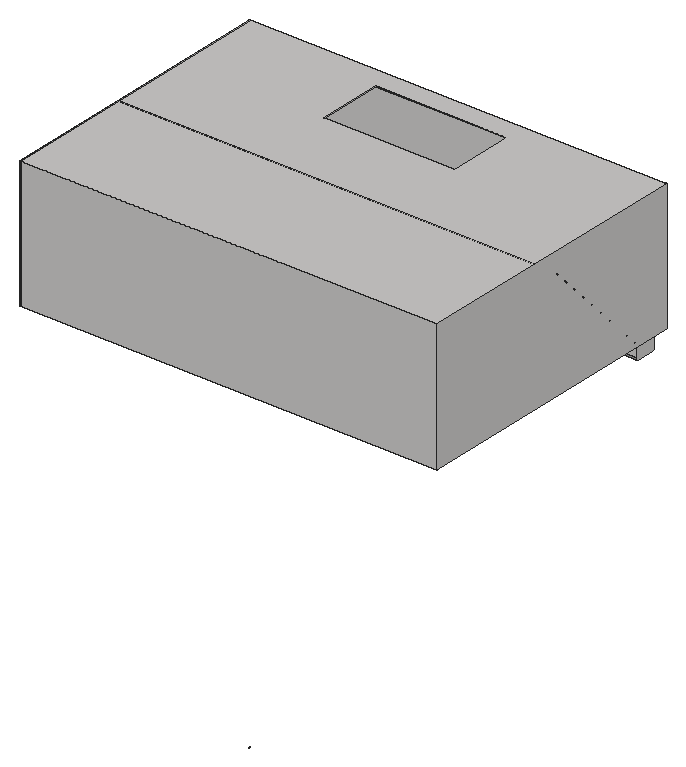
Revit family "QF_ELECTROLUXPROFESSIONAL_642016_EP1116T", category Specialty Equipment, Revit 2014
Reference planes
  plane 1 "Center (Front/Back)": y = 0
  plane 2: z = 0
  plane 3 "Center (Left/Right)": x = 150
  plane 4 "LEFT": x = -650
  plane 5 "RIGHT": x = 950
  plane 6 "BACK": y = 550
  plane 7 "FRONT": y = -550
  plane 8 "TOP": z = 2500
  plane 9 "Base": z = 2000
  plane 10: z = 1926
  plane 11 "DrainY": y = 485
  plane 12: x = -647
  plane 13: through (0, 414.509, 2000.8) normal (0, 0.7314, 0.682)
  plane 14: y = 470
  plane 15: y = 220
  plane 16 "DrainX": x = 830
  plane 17: x = -100
  plane 18: x = 400
  plane 19: x = 947
  plane 20: x = 740
  plane 21: x = 920
  plane 22: x = -450
  plane 23: x = 750
  plane 24: x = -47.5
  plane 25: x = 347.5
Forms (mm)
  Extrusion 1, solid, material "QF_Finishes_Stainless Steel"
    sketch origin (-650, 0, 360) x (0, 1, 0) y (0, 0, 1)
      loop
        line (550, 1640) -> (550, 2140) -> (-550, 2140) -> (-550, 1640) -> (550, 1640)
    from 0 to 3
  Extrusion 2, solid, material "QF_Finishes_Stainless Steel"
    sketch origin (150, 0, 360) x (0, 1, 0) y (0, 0, 1)
      loop
        line (415.255, 1640) -> (550, 1640) -> (550, 2139.19) -> (549.2, 2139.19) -> (549.2, 1640.8) -> (415.876, 1640.8) -> (339.347, 1722.867) -> (349.609, 1732.436) -> (348.927, 1733.167) -> (337.934, 1722.917) -> (415.255, 1640)
      loop
        line (-82.203, 2139.19) -> (-82.203, 2118.6) -> (-31.047, 2118.6) -> (34.354, 2048.466) -> (46.028, 2059.352) -> (45.346, 2060.083) -> (34.403, 2049.879) -> (-30.612, 2119.6) -> (-81.203, 2119.6) -> (-81.203, 2139.19) -> (-82.203, 2139.19)
    from -797 to 797
  Extrusion 3, solid, material "QF_Finishes_Stainless Steel"
    sketch origin (950, 0, 360) x (0, 1, 0) y (0, 0, 1)
      loop
        line (550, 1640) -> (550, 2140) -> (-550, 2140) -> (-550, 1640) -> (550, 1640)
    from 0 to -3
  Extrusion 4, solid, material "QF_Finishes_Stainless Steel"
    sketch origin (150, 0, 360) x (0, 1, 0) y (0, 0, 1)
      loop
        line (-550, 2140) -> (-550, 1640) -> (-549.2, 1640) -> (-549.2, 2139.19) -> (550, 2139.19) -> (550, 2140) -> (-550, 2140)
    from -800 to 800
  Extrusion 5, solid, material "QF_Finishes_Stainless Steel"
    sketch origin (150, 0, 360) x (0, 1, 0) y (0, 0, 1)
      loop
        line (534, 1640) -> (436, 1640) -> (436, 1627) -> (443.5, 1627) -> (443.5, 1576)
        arc (443.5, 1576) -> (446.429, 1568.929) -> (453.5, 1566) r 10
        line (453.5, 1566) -> (516.5, 1566)
        arc (516.5, 1566) -> (523.571, 1568.929) -> (526.5, 1576) r 10
        line (526.5, 1576) -> (526.5, 1627) -> (534, 1627) -> (534, 1640)
    from 590 to 770
  Extrusion 6, solid, material "QF_Finishes_Stainless Steel"
    sketch origin (0, 0, 2000) x (0, 1, 0) y (-1, 0, 0)
      loop
        circle (485, -830) r 20
    from -76 to -74
  Extrusion 7, solid, material "QF_Finished_Chrome"
    sketch origin (150, 0, 360) x (0, 1, 0) y (0, 0, 1)
      loop
        line (337.934, 1722.917) -> (341.591, 1726.327) -> (38.011, 2051.876) -> (34.354, 2048.466) -> (337.934, 1722.917)
    from -197.5 to -600
  Extrusion 8, solid, material "QF_Finishes_Stainless Steel"
    sketch origin (150, 0, 360) x (0, 1, 0) y (0, 0, 1)
      loop
        line (337.934, 1722.917) -> (341.591, 1726.327) -> (38.011, 2051.876) -> (34.354, 2048.466) -> (337.934, 1722.917)
    from 797 to 600
  Extrusion 9, solid, material "QF_Finished_Chrome"
    sketch origin (150, 0, 360) x (0, 1, 0) y (0, 0, 1)
      loop
        line (341.588, 1726.324) -> (38.009, 2051.874) -> (34.354, 2048.466) -> (337.934, 1722.917) -> (341.588, 1726.324)
    from 197.5 to 600
  Extrusion 10, void
    sketch origin (0, 0, 2500) x (0, 1, 0) y (-1, 0, 0)
      loop
        line (470, -400) -> (470, 100) -> (220, 100) -> (220, -400) -> (470, -400)
    from 0 to -10
  Extrusion 11, solid, material "QF_Finishes_Stainless Steel"
    sketch origin (0, 0, 0) x (1, 0, 0) y (0, 1, 0)
      loop
        line (-650, 550) -> (-650, 549) -> (-649, 549) -> (-649, 550) -> (-650, 550)
    from 0 to 1
  Extrusion 12, solid, material "QF_Finishes_Stainless Steel"
    sketch origin (150, 0, 360) x (0, 1, 0) y (0, 0, 1)
      loop
        line (337.934, 1722.917) -> (341.591, 1726.327) -> (38.011, 2051.876) -> (34.354, 2048.466) -> (337.934, 1722.917)
    from -600 to -797
  Extrusion 13, solid, material "QF_Finishes_Stainless Steel"
    sketch origin (150, 0, 360) x (0, 1, 0) y (0, 0, 1)
      loop
        line (337.934, 1722.917) -> (341.591, 1726.327) -> (38.011, 2051.876) -> (34.354, 2048.466) -> (337.934, 1722.917)
    from 197.5 to -197.5
Cuts and joins
  Extrusion 10 cuts Extrusion 4
  joined: Extrusion 2, Extrusion 4
Lines and regions (mm)
  reference lines
    curve 1: line (150, 34.354, 2408.466) -> (150, 34.354, 2248.466)
  symbolic lines, style "SpecialityEquipment", detail levels coarse
    curve 2: line (950, 550, 2500) -> (-650, 550, 2500)
    curve 3: line (-650, 550, 2500) -> (-650, -550, 2500)
    curve 4: line (950, -550, 2500) -> (950, 550, 2500)
    curve 5: line (-650, -550, 2500) -> (950, -550, 2500)
    curve 6: line (400, 220, 2500) -> (-100, 220, 2500)
    curve 7: line (400, 470, 2500) -> (400, 220, 2500)
    curve 8: line (-100, 470, 2500) -> (400, 470, 2500)
    curve 9: line (-100, 220, 2500) -> (-100, 470, 2500)
    curve 10: line (-650, 550, 0) -> (950, -550, 0)
    curve 11: line (950, 550, 0) -> (-650, -550, 0)
Dimensions and locks
  plane 4 "LEFT" to plane 5 "RIGHT" = 1600 mm
  equal spacing: plane 4 "LEFT", plane 3 "Center (Left/Right)", plane 5 "RIGHT"
  plane 9 "Base" to plane 10 = 74 mm
  plane 6 "BACK" to plane 11 "DrainY" = 65 mm  (x2)
  plane 4 "LEFT" to plane 12 = 3 mm
  plane 6 "BACK" to plane 14 = 80 mm
  plane 14 to plane 15 = 250 mm  (x2)
  plane 16 "DrainX" to plane 5 "RIGHT" = 120 mm
  plane 19 to plane 5 "RIGHT" = 3 mm
  locked: plane 20 to plane 16 "DrainX" at 90
  locked: plane 16 "DrainX" to plane 21 at 90
  plane 6 "BACK" to plane 7 "FRONT" = 1100 mm  (x2)
  equal spacing: plane 6 "BACK", plane 1 "Center (Front/Back)", plane 7 "FRONT"
  plane 15 to plane 7 "FRONT" = 770 mm
  plane 14 to plane 6 "BACK" = 80 mm
  plane 4 "LEFT" to plane 22 = 200 mm
  plane 23 to plane 5 "RIGHT" = 200 mm
  locked: plane 24 to plane 25 at 395
  equal spacing: plane 24, plane 3 "Center (Left/Right)", plane 25
  locked: plane 17 to plane 18 at 500
  equal spacing: plane 17, plane 3 "Center (Left/Right)", plane 18
  locked: plane 9 "Base" to level at 2000
  locked: plane 8 "TOP" to plane 9 "Base" at 500
  aligned and locked: level to plane 2
  aligned and locked: Extrusion 2 to Extrusion 1
  aligned and locked: Extrusion 2 to Extrusion 3
  aligned and locked: plane 5 "RIGHT" to Extrusion 4
  aligned and locked: Extrusion 4 to plane 4 "LEFT"
  aligned and locked: plane 19 to Extrusion 8
  aligned and locked: Extrusion 10 to plane 17
  aligned and locked: Extrusion 10 to plane 15
  aligned and locked: Extrusion 10 to plane 14
  aligned and locked: Extrusion 2 to Extrusion 4
  aligned and locked: plane 21 to Extrusion 5
  aligned and locked: Extrusion 5 to plane 20
  aligned and locked: Extrusion 8 to plane 23
  aligned and locked: Extrusion 9 to plane 23
  aligned and locked: Extrusion 7 to plane 22
  aligned and locked: Extrusion 12 to plane 12
  aligned and locked: plane 22 to Extrusion 12
  aligned and locked: Extrusion 3 to plane 19
  aligned and locked: Extrusion 10 to plane 18
  aligned and locked: plane 18 to curve 7
  aligned and locked: plane 25 to Extrusion 13
  aligned and locked: Extrusion 13 to plane 24
  aligned and locked: Extrusion 9 to plane 25
Automatic sketch dimensions
  curve 5 to plane 5 "RIGHT" = 0 mm
  curve 5 to plane 7 "FRONT" = 0 mm
  curve 6 to plane 15 = 0 mm
  plane 14 to curve 8 = 0 mm
  curve 3 to plane 4 "LEFT" = 0 mm
  curve 3 to plane 6 "BACK" = 0 mm
  curve 6 to plane 17 = 0 mm
  Extrusion 1 sketch curve to plane 9 "Base" = 0 mm
  Extrusion 1 sketch curve to plane 6 "BACK" = 0 mm
  Extrusion 1 sketch curve to plane 8 "TOP" = 0 mm
  Extrusion 2 sketch curve to plane 13 = 0 mm  (x3)
  Extrusion 2 sketch curve to plane 9 "Base" = 0 mm
  plane 13 to Extrusion 2 sketch curve = 0 mm
  Extrusion 2 sketch curve to plane 6 "BACK" = 0 mm
  Extrusion 2 sketch curve to Extrusion 2 sketch curve = 65.646 mm
  Extrusion 2 sketch curve to Extrusion 2 sketch curve = 0.682 mm  (x2)
  Extrusion 2 sketch curve to Extrusion 2 sketch curve = 10.261 mm
  plane 9 "Base" to Extrusion 2 sketch curve = 82.917 mm
  Extrusion 2 sketch curve to plane 1 "Center (Front/Back)" = 46.028 mm
  Extrusion 2 sketch curve to Extrusion 2 sketch curve = 10.942 mm
  Extrusion 2 sketch curve to Extrusion 2 sketch curve = 0.049 mm
  Extrusion 2 sketch curve to plane 8 "TOP" = 20.4 mm
  Extrusion 2 sketch curve to plane 8 "TOP" = 21.4 mm
  Extrusion 2 sketch curve to plane 8 "TOP" = 0.81 mm  (x2)
  Extrusion 2 sketch curve to Extrusion 2 sketch curve = 50.156 mm
  Extrusion 2 sketch curve to Extrusion 2 sketch curve = 1 mm
  plane 9 "Base" to Extrusion 2 sketch curve = 0.8 mm
  Extrusion 2 sketch curve to plane 6 "BACK" = 0.8 mm
  Extrusion 3 sketch curve to plane 9 "Base" = 0 mm
  Extrusion 3 sketch curve to plane 6 "BACK" = 0 mm
  Extrusion 3 sketch curve to plane 8 "TOP" = 0 mm
  Extrusion 4 sketch curve to plane 7 "FRONT" = 0 mm
  Extrusion 4 sketch curve to plane 6 "BACK" = 0 mm
  Extrusion 4 sketch curve to plane 8 "TOP" = 0 mm
  plane 7 "FRONT" to Extrusion 4 sketch curve = 0.8 mm
  Extrusion 4 sketch curve to plane 8 "TOP" = 0.81 mm
  curve 1 to plane 13 = 0 mm
  curve 1 to plane 1 "Center (Front/Back)" = 34.354 mm
  Extrusion 5 sketch curve to plane 9 "Base" = 0 mm
  Extrusion 5 sketch curve to plane 10 = 0 mm
  Extrusion 5 sketch curve to plane 9 "Base" = 13 mm  (x2)
  plane 14 to Extrusion 5 sketch curve = 34 mm
  Extrusion 5 sketch curve to Extrusion 5 sketch curve = 7.5 mm  (x2)
  Extrusion 5 sketch curve to Extrusion 5 sketch curve = 10 mm
  plane 11 "DrainY" to Extrusion 5 sketch curve = 31.5 mm
  Extrusion 5 sketch curve to plane 6 "BACK" = 23.5 mm
  Extrusion 6 sketch curve to plane 11 "DrainY" = 0 mm
  Extrusion 6 sketch curve to plane 16 "DrainX" = 0 mm
  Extrusion 7 sketch curve to plane 13 = 0 mm  (x2)
  Extrusion 7 sketch curve to plane 1 "Center (Front/Back)" = 34.354 mm
  Extrusion 7 sketch curve to Extrusion 7 sketch curve = 3.657 mm
  plane 9 "Base" to Extrusion 7 sketch curve = 82.917 mm
  Extrusion 8 sketch curve to plane 13 = 0 mm  (x2)
  Extrusion 8 sketch curve to plane 1 "Center (Front/Back)" = 34.354 mm
  Extrusion 8 sketch curve to Extrusion 8 sketch curve = 3.657 mm
  plane 9 "Base" to Extrusion 8 sketch curve = 82.917 mm
  Extrusion 9 sketch curve to plane 13 = 0 mm  (x2)
  Extrusion 9 sketch curve to plane 1 "Center (Front/Back)" = 34.354 mm
  Extrusion 9 sketch curve to Extrusion 9 sketch curve = 3.655 mm
  plane 9 "Base" to Extrusion 9 sketch curve = 82.917 mm
  Extrusion 10 sketch curve to plane 15 = 0 mm
  plane 14 to Extrusion 10 sketch curve = 0 mm
  Extrusion 10 sketch curve to plane 18 = 0 mm
  Extrusion 10 sketch curve to plane 17 = 0 mm
  Extrusion 11 sketch curve to plane 4 "LEFT" = 0 mm
  Extrusion 11 sketch curve to plane 6 "BACK" = 0 mm
  plane 4 "LEFT" to Extrusion 11 sketch curve = 1 mm
  Extrusion 11 sketch curve to Extrusion 11 sketch curve = 1 mm
  Extrusion 12 sketch curve to plane 13 = 0 mm  (x2)
  Extrusion 12 sketch curve to plane 1 "Center (Front/Back)" = 34.354 mm
  Extrusion 12 sketch curve to Extrusion 12 sketch curve = 3.657 mm
  plane 9 "Base" to Extrusion 12 sketch curve = 82.917 mm
  Extrusion 13 sketch curve to plane 13 = 0 mm  (x2)
  Extrusion 13 sketch curve to plane 1 "Center (Front/Back)" = 34.354 mm
  Extrusion 13 sketch curve to Extrusion 13 sketch curve = 3.657 mm
  plane 9 "Base" to Extrusion 13 sketch curve = 82.917 mm
  Extrusion 4 sketch curve to Extrusion 4 sketch curve = 499.19 mm
  curve 1 to curve 1 = 160 mm
  Extrusion 1 sketch curve to plane 7 "FRONT" = 0 mm
  Extrusion 3 sketch curve to plane 7 "FRONT" = 0 mm
  curve 11 to plane 4 "LEFT" = 0 mm
  curve 10 to plane 4 "LEFT" = 0 mm
  curve 11 to plane 5 "RIGHT" = 0 mm
  curve 10 to plane 5 "RIGHT" = 0 mm
  curve 10 to plane 7 "FRONT" = 0 mm
  curve 11 to plane 7 "FRONT" = 0 mm
  curve 11 to plane 6 "BACK" = 0 mm
  curve 10 to plane 6 "BACK" = 0 mm
  radius of Extrusion 6 sketch curve = 20 mm
Connectors
  piping at (830, 485, 1924), diameter 20
    settings: on Extrusion 6, index 1, connector inside diameter 609.6 mm, connector length 0 mm, flow factor 0, pipe flow 0.0 L/s, pressure drop 0.0 Pa, fitting loss kfactor 0, connector angle 0.00°, fixture units 0, engagement length 0 mm, angle of deflection 0.00°, flow configuration 1, flow direction 2, fitting loss method 0, system type 16, joint type 0, gender type 0, connector reference index -1, connector utility 0, adjustable connector no, is connector primary yes, connector description "Drain"
  hvac at (150, 345, 2500)
    settings: on Extrusion 10, index 2, duct flow 0.0 L/s, flow factor 0, pres drop 0.0 Pa, loss coef 0, conn angle 0.00°, conn width 250 mm, conn height 500 mm, conn diameter 609.6 mm, duct sys type 3, conn prof type 1, flow config 1, flow direction 0, loss method 0, conn ref index -1, conn util no, is conn primary yes, conn desc "EXHAUST OUTLET"
